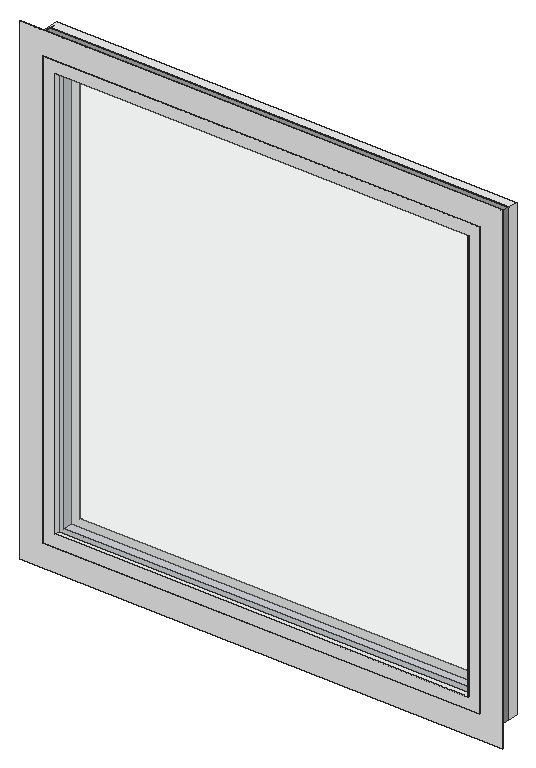
Revit family "Edge_TB42_A_Top_Hung_Custom", category Windows, host Wall, Revit 2014
Parameters (values of type "Casement_Sash_DG")
  Width Sash [instance] = 30 mm
  Width Sash Inner = 15 mm
  Width Bead = 15 mm
  Top Hung [instance] = yes
  Thermal Break Material = Rubber, Black
  Thermal Break Length = 16 mm
  Side Hung Right [instance] = yes
  Side Hung Left [instance] = yes
  Sash Opening Width [instance] = 600 mm
  Sash Opening Height [instance] = 600 mm
  Sash Lip = 15 mm
  Sash Leg [instance] = (Depth Sash - Thermal Break Length) / 2  # 13 mm
  SG Bead Leg = 6.683 mm
  Glazing Material [instance] = Glass
  Glazing Offset = 5 mm
  DG Start Piece 2 [instance] = DG End Piece 1 + DG Gasket Thickness  # 24.158 mm
  DG Start Peice 1 [instance] = ((Depth Sash - (2 * DG Glazing Thickness) - DG Gasket Thickness) / 2) - (SG Bead Leg - Aluminium Thickness) / 2  # 5.758 mm
  DG Glazing Thickness [instance] = 6.4 mm
  DG Gasket Thickness = 12 mm  # constant formula
  DG Gasket Material [instance] = none
  Depth Sash [instance] = 42 mm
  DG End Piece 2 [instance] = DG Start Piece 2 + DG Glazing Thickness  # 30.558 mm
  DG End Piece 1 [instance] = DG Start Peice 1 + DG Glazing Thickness  # 12.158 mm
  Center Vertical Sash [instance] = Sash Opening Height / 2  # 300 mm
  Center Horizontal Sash [instance] = Sash Opening Width / 2  # 300 mm
  Bottom Hung [instance] = yes
  Bead Offset = 15 mm
  Aluminium Thickness = 1 mm
  Aluminium Material [instance] = White Powder Coated Aluminium
Reference planes
  plane 1 "Center (Front/Back)": y = 0
  plane 2: z = 0
  plane 3 "Center (Left/Right)": x = 0
Forms (mm)
  Sweep 1, solid, material "White Powder Coated Aluminium" <- "Aluminium Material"
    path origin (16.177, 0, 121.331) x (1, 0, 0) y (0, 0, 1)
      loop
        line (0, 0) -> (600, 0) -> (600, 600) -> (0, 600) -> (0, 0)
    profile origin (316.177, 0, 121.331) x (0, 0, 1) y (0, -1, 0)
      loop
        line (0, 0) -> (30, 0) -> (30, 1) -> (15, 1) -> (15, 13) -> (14, 13) -> (14, 1) -> (1, 1) -> (1, 13) -> (0, 13) -> (0, 0)
      loop
        line (15, 42) -> (-15, 42) -> (-15, 41) -> (0, 41) -> (0, 29) -> (1, 29) -> (1, 41) -> (14, 41) -> (14, 29) -> (15, 29) -> (15, 42)
  Sweep 2, solid, material "White Powder Coated Aluminium" <- "Aluminium Material"
    path origin (0, 0, 0) x (1, 0, 0) y (0, 0, 1)
      loop
        line (31.177, 706.331) -> (31.177, 136.331) -> (601.177, 136.331) -> (601.177, 706.331) -> (31.177, 706.331)
    profile origin (316.177, 0, 706.331) x (0, 0, 1) y (0, -1, 0)
      loop
        line (0, 41) -> (0, 42) -> (-15, 42) -> (-15, 35.317) -> (-14, 35.317) -> (-14, 41) -> (0, 41)
  Extrusion 3, solid, material "Glass" <- "Glazing Material"
    sketch origin (0, 0, 0) x (1, 0, 0) y (0, 0, 1)
      loop
        line (36.177, 701.331) -> (36.177, 141.331) -> (596.177, 141.331) -> (596.177, 701.331) -> (36.177, 701.331)
    from 5.758 <- "DG Start Peice 1" to 12.158 <- "DG End Piece 1"
  Extrusion 4, solid, material "Glass" <- "Glazing Material"
    sketch origin (0, 0, 0) x (1, 0, 0) y (0, 0, 1)
      loop
        line (36.177, 701.331) -> (36.177, 141.331) -> (596.177, 141.331) -> (596.177, 701.331) -> (36.177, 701.331)
    from 30.558 <- "DG End Piece 2" to 24.158 <- "DG Start Piece 2"
  Sweep 5, solid, material <- "DG Gasket Material"
    path origin (0, -12.158, 0) x (1, 0, 0) y (0, 0, 1)
      loop
        line (36.177, 701.331) -> (36.177, 141.331) -> (596.177, 141.331) -> (596.177, 701.331) -> (36.177, 701.331)
    profile origin (316.177, -12.158, 701.331) x (0, 0, 1) y (0, -1, 0)
      loop
        line (0, 0) -> (0, 12) -> (-7.96, 12) -> (-7.96, 0) -> (0, 0)
  Sweep 6, solid, material "Rubber, Black" <- "Thermal Break Material"
    path origin (16.177, -13, 121.331) x (1, 0, 0) y (0, 0, 1)
      loop
        line (-15, 615) -> (-15, -15) -> (615, -15) -> (615, 615) -> (-15, 615)
    profile origin (316.177, -13, 736.331) x (0, 0, 1) y (0, -1, 0)
      loop
        line (-15, 16) -> (-16, 16) -> (-16, 0) -> (-15, 0) -> (-15, 16)
      loop
        line (-29, 16) -> (-30, 16) -> (-30, 0) -> (-29, 0) -> (-29, 16)
Lines and regions (mm)
  model lines
    curve 1: line (1.177, -42, 736.331) -> (31.177, -42, 706.331)
    curve 2: line (601.177, -42, 706.331) -> (631.177, -42, 736.331)
    curve 3: line (601.177, -42, 136.331) -> (631.177, -42, 106.331)
    curve 4: line (1.177, -42, 106.331) -> (31.177, -42, 136.331)
    curve 5: line (631.177, -41, 736.331) -> (616.177, -41, 721.331)
    curve 6: line (1.177, -41, 736.331) -> (16.177, -41, 721.331)
    curve 7: line (1.177, -41, 106.331) -> (16.177, -41, 121.331)
    curve 8: line (631.177, -41, 106.331) -> (616.177, -41, 121.331)
    curve 9: line (616.177, 0, 121.331) -> (586.177, 0, 151.331)
    curve 10: line (46.177, 0, 151.331) -> (16.177, 0, 121.331)
    curve 11: line (616.177, 0, 721.331) -> (586.177, 0, 691.331)
    curve 12: line (46.177, 0, 691.331) -> (16.177, 0, 721.331)
    curve 13: line (31.177, -42, 691.331) -> (46.177, -42, 691.331)
    curve 14: line (586.177, -42, 691.331) -> (601.177, -42, 691.331)
    curve 15: line (586.177, -42, 151.331) -> (601.177, -42, 151.331)
    curve 16: line (31.177, -42, 151.331) -> (46.177, -42, 151.331)
  model lines, style "GenericModelHiddenLines", visible <- "Top Hung"
    curve 17: line (46.386, -30.558, 690.602) -> (316.177, -30.558, 151.331)
    curve 18: line (316.177, -30.558, 151.331) -> (586.177, -30.558, 691.018)
  model lines, style "GenericModelHiddenLines", visible <- "Bottom Hung"
    curve 19: line (46.177, -30.558, 151.331) -> (316.177, -30.558, 691.018)
    curve 20: line (316.177, -30.558, 691.018) -> (586.177, -30.558, 151.331)
  model lines, style "GenericModelHiddenLines", visible <- "Side Hung Left"
    curve 21: line (46.386, -30.558, 690.602) -> (585.24, -30.558, 421.331)
    curve 22: line (585.24, -30.558, 421.331) -> (46.177, -30.558, 151.331)
  model lines, style "GenericModelHiddenLines", visible <- "Side Hung Right"
    curve 23: line (586.177, -30.558, 691.018) -> (46.177, -30.558, 421.331)
    curve 24: line (46.177, -30.558, 421.331) -> (586.177, -30.558, 151.331)
Dimensions and locks
  "Aluminium Thickness": Sweep 1 sketch curve to Sweep 1 sketch curve  (x6)
  "Depth Sash": Sweep 1 sketch curve to Sweep 1 sketch curve
  "Sash Opening Width": Sweep 1 to Sweep 1
  "Sash Opening Height": Sweep 1 to Sweep 1
  "Width Sash": Sweep 1 sketch curve to Sweep 1 sketch curve  (x2)
  "Width Sash Inner": Sweep 1 sketch curve to Sweep 1 sketch curve
  "Sash Lip": Sweep 1 sketch curve to Sweep 1 sketch curve
  "Glazing Offset": Sweep 2 to Extrusion 3 sketch curve  (x3)
  "Glazing Offset": Extrusion 3 sketch curve to Sweep 2
  Sweep 1 to Sweep 1 = 1 mm
  "Width Bead": Sweep 2 sketch curve to Sweep 2 sketch curve
  locked: Sweep 5 sketch curve to Sweep 5 sketch curve at 7.96
  "Center Horizontal Sash": Sweep 1 to curve 18
  "Center Horizontal Sash": Sweep 1 to curve 20
  "Center Vertical Sash": Sweep 1 to curve 22
  "Center Vertical Sash": Sweep 1 to curve 24
  "Sash Leg": Sweep 1 sketch curve to Sweep 1 sketch curve
  "Aluminium Thickness": Sweep 2 sketch curve to Sweep 2 sketch curve  (x2)
  "SG Bead Leg": Sweep 2 sketch curve to Sweep 2 sketch curve
  aligned and locked: level to plane 2
  aligned and locked: Sweep 1 sketch curve to Sweep 1 sketch curve  (x3)
  aligned and locked: Sweep 2 sketch curve to Sweep 1  (x4)
  aligned and locked: Sweep 1 to Sweep 2 sketch curve  (x2)
  aligned and locked: Extrusion 4 sketch curve to Extrusion 3  (x4)
  aligned and locked: Sweep 5 sketch curve to Extrusion 3  (x5)
  aligned and locked: Extrusion 3 to Sweep 5 sketch curve
  aligned and locked: Sweep 6 sketch curve to Sweep 1  (x10)
  aligned and locked: Sweep 1 to Sweep 6 sketch curve  (x2)
Automatic sketch dimensions
  plane 3 "Center (Left/Right)" to Sweep 1 sketch curve = 16.177 mm
  level to Sweep 1 sketch curve = 121.331 mm
  plane 3 "Center (Left/Right)" to Sweep 1 sketch curve = 616.177 mm
  level to Sweep 1 sketch curve = 721.331 mm
  profile plane to Sweep 5 sketch curve = 12 mm
  curve 7 to Sweep 1 = 0 mm  (x4)
  curve 6 to Sweep 1 = 0 mm  (x3)
  Sweep 1 to curve 6 = 0 mm
  curve 5 to Sweep 1 = 0 mm  (x3)
  curve 8 to Sweep 1 = 0 mm  (x4)
  Sweep 1 to curve 5 = 0 mm
  curve 16 to Sweep 2 = 0 mm  (x3)
  curve 13 to Sweep 2 = 0 mm  (x3)
  curve 15 to Sweep 2 = 0 mm
  Sweep 2 to curve 15 = 0 mm  (x2)
  curve 14 to Sweep 2 = 0 mm  (x2)
  Sweep 2 to curve 14 = 0 mm
  curve 1 to Sweep 1 = 0 mm  (x4)
  curve 4 to Sweep 1 = 0 mm  (x4)
  curve 2 to Sweep 1 = 0 mm  (x4)
  curve 3 to Sweep 1 = 0 mm  (x2)
  Sweep 1 to curve 3 = 0 mm  (x2)
  curve 10 to Sweep 1 = 0 mm  (x4)
  curve 12 to Sweep 1 = 0 mm  (x2)
  Sweep 1 to curve 12 = 0 mm  (x2)
  curve 11 to Sweep 1 = 0 mm  (x4)
  curve 9 to Sweep 1 = 0 mm  (x4)
  profile plane to Sweep 1 sketch curve = 0 mm  (x2)
  Sweep 1 sketch curve to plane 1 "Center (Front/Back)" = 0 mm
  Sweep 1 sketch curve to Sweep 1 sketch curve = 13 mm
  Sweep 1 sketch curve to Sweep 1 sketch curve = 12 mm  (x2)
  curve 21 to Extrusion 4 = 10.208 mm
  curve 19 to Extrusion 4 = 10 mm
  curve 23 to Extrusion 4 = 10 mm  (x2)
  curve 22 to Extrusion 4 = 10.937 mm
  curve 20 to Extrusion 4 = 10 mm
  curve 24 to Extrusion 4 = 10 mm
  curve 22 to Extrusion 4 = 10 mm
  curve 18 to Extrusion 4 = 10 mm
  curve 21 to Extrusion 4 = 10.729 mm
  curve 19 to Extrusion 4 = 10.312 mm
  curve 18 to Extrusion 4 = 10.312 mm
